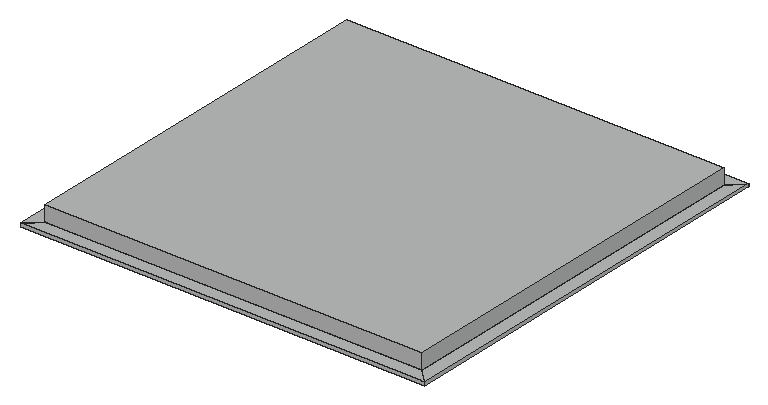
Revit family "AVRORA", category Осветительные приборы, Revit 2019 (continued)
Types (10, lengths in mm): name | built-in parameter 1150134 | Файл фотометрической сетки | built-in parameter 1150142 | built-in parameter 1150107 | Emit from Rectangle Width | Emit from Rectangle Length | Длина | Ширина | ADSK_Обозначение | ADSK_Наименование | ADSK_Код изделия
    599.700 1581.400 1564.200 1544.400 1527.800 1511.600 1496.000 1476.600 1453.700 1426.600 1395.200 1351.000 1306.500 1253.800 \r\n1189.700 1120.200 1050.900 984.900 922.300 859.400 794.000 726.600 657.300 588.100 519.600 453.200 390.100 333.100 283.000 240.700 206.100 180.000 158.000 141.600 125.200 108.600 \r\n91.900 72.500 51.600 31.200 13.700 0.700 \r\n1594.200 1606.300 1616.900 1613.600 1597.000 1579.100 1561.900 1541.900 1524.700 1509.500 1497.300 1477.400 1456.000 1428.600 1395.200 1350.200 1303.800 1251.000 \r\n1186.100 1116.800 1048.600 983.400 919.700 855.400 789.500 721.500 651.700 581.200 512.700 445.900 383.300 327.100 278.300 237.200 204.100 179.500 158.400 142.400 126.300 110.200 \r\n93.300 73.700 52.500 31.900 14.000 0.700 \r\n1593.500 1606.100 1616.900 1612.400 1594.500 1575.900 1558.700 1539.900 1522.700 1508.700 1497.300 1479.400 1457.300 1428.500 1396.000 1348.900 1300.200 1247.800 \r\n1184.200 1115.900 1047.700 982.100 917.600 851.600 784.700 716.400 645.900 575.100 505.900 439.300 377.000 321.600 273.900 234.100 202.400 179.200 159.100 143.700 128.100 112.400 \r\n95.400 75.200 53.500 32.800 14.400 0.700 \r\n1593.600 1607.200 1615.900 1610.500 1591.900 1573.000 1556.800 1537.600 1520.700 1508.100 1498.200 1481.200 1458.700 1430.400 1395.900 1347.100 1296.300 1244.800 \r\n1183.200 1116.400 1046.900 979.600 914.200 847.700 780.100 710.700 639.600 568.400 499.100 432.600 371.000 316.300 269.700 231.300 200.900 179.000 160.000 145.300 130.200 114.900 \r\n97.600 76.700 54.400 33.500 14.800 0.700 \r\n1594.000 1606.300 1615.100 1608.300 1589.200 1570.600 1555.000 1536.200 1519.800 1509.000 1499.600 1483.000 1459.000 1429.200 1395.100 1344.800 1293.200 1243.400 \r\n1183.200 1116.600 1045.900 977.400 911.200 843.900 775.200 704.400 632.700 561.300 492.100 425.900 365.300 311.500 266.100 228.800 199.800 179.200 161.200 147.100 132.700 117.700 \r\n99.900 78.100 55.400 34.100 15.200 0.700 \r\n1593.700 1606.100 1614.400 1606.100 1587.400 1568.500 1553.200 1534.900 1519.000 1510.100 1501.900 1484.400 1458.900 1427.800 1394.100 1342.900 1291.900 1243.000 \r\n1183.600 1116.400 1044.500 974.600 906.700 839.600 770.200 698.500 626.000 554.300 485.100 419.700 360.000 307.400 262.900 226.900 199.200 179.800 162.700 149.300 135.400 120.700 \r\n102.100 79.600 56.300 34.800 15.500 0.800 \r\n1594.300 1605.400 1613.400 1604.200 1585.100 1567.100 1552.000 1534.400 1518.900 1511.900 1503.900 1485.000 1458.400 1426.400 1391.500 1341.800 1292.800 1243.200 \r\n1183.200 1114.300 1042.100 970.800 902.500 834.000 763.900 692.400 619.800 547.500 478.500 413.600 355.100 303.600 260.400 225.600 199.100 180.700 164.500 151.800 138.500 123.400 \r\n104.100 81.000 57.200 35.400 15.900 0.800 \r\n1593.100 1606.400 1612.600 1602.700 1582.600 1565.700 1551.400 1534.000 1519.800 1513.400 1504.700 1485.500 1457.100 1424.100 1389.700 1340.900 1294.900 1243.000 \r\n1181.200 1110.500 1038.100 967.000 897.100 827.200 757.100 686.400 613.900 541.600 472.700 408.300 350.600 300.400 258.500 224.900 199.500 182.000 166.500 154.700 141.600 126.100 \r\n106.200 82.400 58.200 36.000 16.200 0.800 \r\n1592.900 1606.100 1611.900 1600.600 1581.300 1565.300 1550.900 1534.700 1520.700 1514.300 1507.000 1485.500 1455.600 1420.900 1388.300 1341.700 1296.000 1241.800 \r\n1177.500 1105.400 1032.700 962.200 891.800 821.800 750.600 680.300 608.400 537.000 468.300 404.200 347.100 298.100 257.200 224.900 200.300 183.600 168.800 157.900 144.800 128.800 \r\n108.300 84.200 59.300 36.700 16.600 0.800 \r\n1593.600 1606.400 1611.700 1599.500 1579.400 1563.800 1551.500 1535.500 1522.200 1516.600 1508.200 1485.200 1451.800 1418.300 1387.800 1343.100 1297.000 1239.200 \r\n1173.100 1100.300 1028.200 957.400 886.900 816.400 745.500 674.700 603.200 532.400 464.600 401.100 344.800 296.700 256.900 225.400 201.500 185.400 173.800 161.100 147.800 131.400 \r\n110.600 85.900 60.400 37.300 16.900 0.800 \r\n1595.000 1604.600 1609.700 1597.000 1578.600 1564.000 1552.100 1536.700 1523.600 1518.000 1508.500 1483.300 1449.900 1416.200 1386.800 1343.900 1296.300 1235.900 \r\n1168.400 1096.200 1024.100 953.200 881.900 811.300 740.900 669.700 598.400 528.100 461.400 398.800 343.400 296.200 257.100 226.500 203.100 187.600 176.800 164.100 150.500 133.900 \r\n112.700 87.600 61.400 37.900 17.200 0.800 \r\n1593.800 1605.200 1609.000 1595.100 1577.100 1563.800 1552.600 1538.100 1525.500 1520.600 1508.800 1481.500 1446.300 1414.800 1386.700 1344.200 1293.600 1231.800 \r\n1164.200 1093.200 1021.700 949.200 876.500 806.800 736.400 665.600 594.900 525.100 458.600 397.100 342.700 296.500 258.200 228.100 205.000 190.200 179.900 166.800 152.900 136.100 \r\n114.400 89.000 62.200 38.500 17.500 0.800 \r\n1593.300 1604.200 1608.000 1594.300 1575.700 1563.500 1553.700 1540.400 1528.600 1522.100 1507.700 1479.400 1443.600 1414.200 1385.600 1342.600 1289.900 1227.000 \r\n1160.200 1090.100 1019.400 945.200 873.200 803.200 732.800 662.000 591.900 522.500 457.000 396.200 342.800 297.300 259.900 230.100 207.600 192.900 182.700 168.700 154.800 137.600 \r\n115.700 89.800 62.900 39.000 17.900 0.800 \r\n1594.100 1604.100 1606.500 1592.100 1574.700 1564.400 1555.400 1542.000 1530.700 1523.200 1506.700 1476.100 1442.100 1411.800 1384.400 1340.100 1286.300 1222.600 \r\n1156.400 1087.000 1016.300 942.800 870.100 799.300 729.300 658.800 589.000 520.300 455.700 395.800 343.200 298.700 262.000 232.700 210.500 195.700 184.800 170.000 155.700 138.300 \r\n116.000 90.000 63.200 39.400 18.300 0.800 \r\n1594.500 1604.800 1606.500 1590.700 1574.100 1565.200 1557.700 1544.100 1532.600 1524.000 1506.800 1474.300 1440.000 1410.800 1382.300 1337.600 1282.800 1219.100 \r\n1153.800 1084.800 1014.200 941.000 867.700 796.800 726.700 656.100 586.500 519.000 454.900 396.100 344.400 300.700 264.700 235.900 213.600 198.300 186.200 170.400 155.800 138.100 \r\n115.700 89.800 63.300 39.900 18.700 0.900 \r\n1594.100 1604.300 1604.600 1589.400 1573.400 1566.000 1559.800 1546.000 1534.700 1524.400 1504.000 1471.800 1439.300 1410.700 1379.800 1335.100 1280.200 1216.700 \r\n1152.700 1084.100 1013.500 939.100 865.700 794.300 724.100 653.500 584.600 517.700 454.600 396.700 346.000 303.100 267.800 239.200 216.700 200.400 186.700 170.000 154.900 137.100 \r\n114.700 89.100 63.300 40.300 19.000 0.900 \r\n1594.300 1603.800 1603.900 1587.200 1572.700 1566.500 1560.800 1548.500 1536.300 1523.900 1502.100 1471.400 1438.500 1408.900 1378.300 1332.900 1278.600 1215.600 \r\n1152.300 1083.900 1011.600 937.400 863.500 791.500 720.900 650.900 582.900 516.800 454.600 397.500 347.900 305.900 271.200 242.700 219.600 201.900 186.500 168.700 153.200 135.500 \r\n113.200 88.100 63.100 40.500 19.300 0.900 \r\n1594.500 1604.400 1602.700 1586.100 1572.200 1567.700 1563.200 1551.300 1538.100 1524.000 1501.400 1469.000 1437.400 1408.800 1376.100 1331.300 1277.500 1215.800 \r\n1152.600 1084.300 1010.700 936.100 861.800 788.600 718.100 648.500 581.300 516.400 455.100 399.100 350.300 309.100 275.000 246.200 222.400 202.800 185.500 166.900 151.300 133.700 \r\n111.800 87.100 62.900 40.700 19.500 0.900 \r\n1594.600 1604.500 1601.300 1585.100 1571.900 1568.500 1565.400 1553.800 1539.600 1523.300 1498.700 1467.100 1438.400 1407.400 1373.700 1328.900 1277.900 1217.200 \r\n1154.400 1084.300 1009.500 934.200 859.300 785.100 715.100 646.600 580.200 516.500 456.300 401.100 353.200 312.700 278.500 249.400 224.700 203.000 184.000 164.700 149.100 131.900 \r\n110.300 86.200 62.600 40.800 19.600 0.900 \r\n1594.600 1603.400 1600.300 1584.300 1571.900 1569.200 1567.600 1555.900 1540.600 1521.900 1496.200 1465.900 1439.000 1407.600 1370.900 1326.200 1277.100 1218.700 \r\n1155.500 1083.900 1008.600 932.800 855.900 781.700 712.100 645.000 579.600 517.200 458.100 403.600 356.500 316.200 281.800 252.200 226.400 202.800 182.300 162.500 147.100 130.300 \r\n109.200 85.500 62.400 40.800 19.700 0.900 \r\n1594.800 1603.100 1599.500 1581.700 1571.200 1570.300 1569.300 1558.400 1541.400 1521.000 1494.600 1465.900 1440.100 1407.000 1367.200 1323.200 1276.100 1219.800 \r\n1155.900 1083.900 1007.600 931.500 853.400 779.500 710.200 643.900 579.700 518.600 460.300 406.800 360.100 319.700 284.700 254.500 227.700 202.600 180.700 160.600 145.500 129.000 \r\n108.400 85.100 62.300 40.900 19.800 0.900 \r\n" | 4000 (stored number, unit not read) | 555 | 555 | 595 | 595 | "AVRORA-32/prisma 595x595х25 (IP20, 4000К)" | "Встраиваемый светодиодный светильник AVRORA-32/prisma 595x595х25 (IP20, 4000К)" | "ЦБ000008869"
  AVRORA-32/prisma 595x595х25 (IP20, 4000К) с БАП на 1 час | 12 | "Светильник AVRORA-32 PRISMA-(595x595).ies" | "IESNA:LM-63-95\r\n[TEST] Протокол № 50-12 \r\n[DATA] 20.06.2016\r\n[MORE] \r\n[MANUFAC] ЗАО \"Центрстройсвет\"\r\n[LUMCAT]  Светильник ALUMOGIPS-38/OPAL-SAND-(610x610)\r\n[LUMINAIRE]\r\n[LAMPCAT] Светодиоды\r\n[LAMP] Поток источника света (светодиодов) не известен\r\n[MORE] КСС приведена в абсолютных величинах кд\r\n[MORE] Вместо потока лампы, указан поток светильника.\r\nTILT=NONE\r\n1    3750 1.0 37 73 1 2 0.61 0.61 0.04\r\n1.0 1.0 38.7\r\n0.0 5.0 10.0 15.0 20.0 25.0 30.0 35.0 40.0 45.0 50.0 55.0 60.0 65.0 70.0 75.0 80.0 85.0 90.0 95.0 100.0 105.0 110.0 115.0 120.0 125.0 130.0 135.0 140.0 145.0 150.0 155.0 160.0 165.0 170.0 175.0 180.0\r\n0.0 5.0 10.0 15.0 20.0 25.0 30.0 35.0 40.0 45.0 50.0 55.0 60.0 65.0 70.0 75.0 80.0 85.0 90.0 95.0 100.0 105.0 110.0 115.0 120.0 125.0 130.0 135.0 140.0 145.0 150.0 155.0 160.0 165.0 170.0 175.0 180.0 185.0 190.0 195.0 200.0 205.0 210.0 215.0 220.0 225.0 230.0 235.0 240.0 245.0 250.0 255.0 260.0 265.0 270.0 275.0 280.0 285.0 290.0 295.0 300.0 305.0 310.0 315.0 320.0 325.0 330.0 335.0 340.0 345.0 350.0 355.0 360.0\r\n1391.4 1390.6 1365.7 1330.6 1277.5 1214.9 1147.5 1059.6 967.6 873.2 772.4 664.9 556.3 449.1 342.7 240.6 147.1 64.2 4.7 0.0 0.0 0.0 0.0 0.0 0.0 0.0 0.0 0.0 0.0 0.0 0.0 0.0 0.0 0.0 0.0 0.0 0.0\r\n1391.4 1390.5 1367.8 1332.7 1284.3 1221.3 1147.0 1062.1 969.2 872.4 773.2 666.3 557.1 450.1 343.8 241.9 146.9 64.7 5.2 0.0 0.0 0.0 0.0 0.0 0.0 0.0 0.0 0.0 0.0 0.0 0.0 0.0 0.0 0.0 0.0 0.0 0.0\r\n1391.4 1390.2 1372.0 1333.3 1277.3 1216.8 1144.5 1057.4 969.6 875.1 773.8 669.5 560.0 454.6 345.8 242.4 148.5 65.8 5.4 0.0 0.0 0.0 0.0 0.0 0.0 0.0 0.0 0.0 0.0 0.0 0.0 0.0 0.0 0.0 0.0 0.0 0.0\r\n1391.4 1389.8 1371.2 1330.7 1279.5 1220.5 1148.3 1059.9 967.7 873.2 767.5 666.8 561.4 453.0 347.1 243.7 149.9 65.6 5.8 0.0 0.0 0.0 0.0 0.0 0.0 0.0 0.0 0.0 0.0 0.0 0.0 0.0 0.0 0.0 0.0 0.0 0.0\r\n1391.4 1389.8 1368.3 1329.3 1285.0 1214.6 1141.1 1058.7 971.8 871.3 775.2 666.9 559.4 452.6 345.8 242.5 150.0 65.8 6.1 0.0 0.0 0.0 0.0 0.0 0.0 0.0 0.0 0.0 0.0 0.0 0.0 0.0 0.0 0.0 0.0 0.0 0.0\r\n1391.4 1390.5 1367.3 1332.3 1281.7 1219.0 1142.8 1064.6 970.5 874.4 772.1 667.5 560.2 453.0 346.2 241.8 149.4 65.7 5.6 0.0 0.0 0.0 0.0 0.0 0.0 0.0 0.0 0.0 0.0 0.0 0.0 0.0 0.0 0.0 0.0 0.0 0.0\r\n1391.4 1391.4 1368.1 1333.5 1277.3 1215.7 1139.0 1059.6 968.1 872.4 771.6 667.4 558.8 453.3 344.3 243.9 148.4 65.7 5.4 0.0 0.0 0.0 0.0 0.0 0.0 0.0 0.0 0.0 0.0 0.0 0.0 0.0 0.0 0.0 0.0 0.0 0.0\r\n1391.4 1391.7 1368.1 1330.4 1278.2 1213.9 1142.4 1061.6 967.4 875.1 772.0 669.3 561.1 452.5 345.2 242.1 148.3 65.4 5.5 0.0 0.0 0.0 0.0 0.0 0.0 0.0 0.0 0.0 0.0 0.0 0.0 0.0 0.0 0.0 0.0 0.0 0.0\r\n1391.4 1391.5 1371.0 1328.4 1278.5 1216.7 1142.1 1061.2 971.8 874.7 772.1 668.9 560.8 452.9 345.4 243.3 147.7 66.0 5.4 0.0 0.0 0.0 0.0 0.0 0.0 0.0 0.0 0.0 0.0 0.0 0.0 0.0 0.0 0.0 0.0 0.0 0.0\r\n1391.4 1391.5 1373.2 1330.5 1277.3 1215.5 1143.2 1063.6 967.0 872.7 772.2 669.4 558.9 453.2 346.6 241.9 148.1 65.2 5.5 0.0 0.0 0.0 0.0 0.0 0.0 0.0 0.0 0.0 0.0 0.0 0.0 0.0 0.0 0.0 0.0 0.0 0.0\r\n1391.4 1391.4 1369.7 1328.3 1281.3 1216.0 1139.8 1057.9 968.7 875.3 773.9 667.6 561.8 454.0 344.0 243.1 147.2 65.6 5.5 0.0 0.0 0.0 0.0 0.0 0.0 0.0 0.0 0.0 0.0 0.0 0.0 0.0 0.0 0.0 0.0 0.0 0.0\r\n1391.4 1390.5 1367.9 1330.1 1278.1 1218.1 1138.9 1061.0 970.0 871.8 770.4 669.3 560.2 453.4 346.9 242.1 148.3 65.2 5.2 0.0 0.0 0.0 0.0 0.0 0.0 0.0 0.0 0.0 0.0 0.0 0.0 0.0 0.0 0.0 0.0 0.0 0.0\r\n1391.4 1389.3 1368.2 1329.1 1280.8 1214.4 1142.5 1059.2 967.2 874.3 772.4 668.0 563.1 452.3 345.7 242.8 146.8 64.9 5.1 0.0 0.0 0.0 0.0 0.0 0.0 0.0 0.0 0.0 0.0 0.0 0.0 0.0 0.0 0.0 0.0 0.0 0.0\r\n1391.4 1388.6 1367.4 1327.8 1278.0 1215.7 1141.0 1061.0 971.5 877.3 771.2 667.3 561.5 453.0 346.4 242.4 146.3 64.8 5.2 0.0 0.0 0.0 0.0 0.0 0.0 0.0 0.0 0.0 0.0 0.0 0.0 0.0 0.0 0.0 0.0 0.0 0.0\r\n1391.4 1388.0 1367.6 1326.7 1278.3 1218.0 1140.9 1061.5 968.4 873.4 770.1 666.6 562.1 454.6 344.8 241.8 146.4 64.0 5.5 0.0 0.0 0.0 0.0 0.0 0.0 0.0 0.0 0.0 0.0 0.0 0.0 0.0 0.0 0.0 0.0 0.0 0.0\r\n1391.4 1387.2 1366.1 1331.0 1281.4 1216.3 1142.7 1059.1 969.4 871.5 772.2 667.3 560.5 453.0 344.4 242.2 146.4 63.8 5.6 0.0 0.0 0.0 0.0 0.0 0.0 0.0 0.0 0.0 0.0 0.0 0.0 0.0 0.0 0.0 0.0 0.0 0.0\r\n1391.4 1387.1 1366.3 1328.7 1276.9 1214.5 1141.2 1059.3 968.4 874.3 775.5 668.3 562.5 454.9 346.4 241.3 146.2 63.5 5.7 0.0 0.0 0.0 0.0 0.0 0.0 0.0 0.0 0.0 0.0 0.0 0.0 0.0 0.0 0.0 0.0 0.0 0.0\r\n1391.4 1388.4 1366.0 1329.7 1279.2 1217.9 1140.0 1060.5 969.0 873.9 772.0 671.3 560.4 453.2 343.7 241.7 145.8 63.7 5.4 0.0 0.0 0.0 0.0 0.0 0.0 0.0 0.0 0.0 0.0 0.0 0.0 0.0 0.0 0.0 0.0 0.0 0.0\r\n1391.4 1389.6 1367.7 1329.3 1277.2 1211.1 1140.1 1061.0 971.0 871.2 769.2 669.1 561.5 453.1 343.3 241.9 145.8 63.4 5.2 0.0 0.0 0.0 0.0 0.0 0.0 0.0 0.0 0.0 0.0 0.0 0.0 0.0 0.0 0.0 0.0 0.0 0.0\r\n1391.4 1388.8 1366.9 1327.1 1279.4 1214.2 1142.5 1056.4 970.7 870.3 771.0 665.1 560.4 453.3 343.8 241.1 145.7 63.4 5.2 0.0 0.0 0.0 0.0 0.0 0.0 0.0 0.0 0.0 0.0 0.0 0.0 0.0 0.0 0.0 0.0 0.0 0.0\r\n1391.4 1387.2 1365.8 1328.9 1276.6 1210.2 1141.4 1059.3 966.6 871.4 770.5 667.4 559.2 451.4 344.2 241.0 145.6 63.2 5.1 0.0 0.0 0.0 0.0 0.0 0.0 0.0 0.0 0.0 0.0 0.0 0.0 0.0 0.0 0.0 0.0 0.0 0.0\r\n1391.4 1386.8 1364.4 1329.8 1279.4 1213.7 1144.0 1059.0 965.3 873.7 768.8 668.9 559.4 449.5 342.6 241.5 144.6 63.4 5.0 0.0 0.0 0.0 0.0 0.0 0.0 0.0 0.0 0.0 0.0 0.0 0.0 0.0 0.0 0.0 0.0 0.0 0.0\r\n1391.4 1388.1 1365.8 1328.1 1273.8 1213.4 1137.9 1059.2 967.3 869.2 769.3 667.7 558.4 451.4 344.0 240.6 145.7 63.4 4.9 0.0 0.0 0.0 0.0 0.0 0.0 0.0 0.0 0.0 0.0 0.0 0.0 0.0 0.0 0.0 0.0 0.0 0.0\r\n1391.4 1389.2 1364.4 1323.2 1276.3 1213.8 1137.6 1055.3 963.1 871.0 767.7 664.1 559.7 447.1 342.4 240.1 145.2 63.9 5.1 0.0 0.0 0.0 0.0 0.0 0.0 0.0 0.0 0.0 0.0 0.0 0.0 0.0 0.0 0.0 0.0 0.0 0.0\r\n1391.4 1388.4 1362.3 1326.8 1274.4 1212.2 1137.9 1054.7 966.7 867.9 768.7 663.4 557.3 449.2 343.3 240.0 145.7 63.6 5.0 0.0 0.0 0.0 0.0 0.0 0.0 0.0 0.0 0.0 0.0 0.0 0.0 0.0 0.0 0.0 0.0 0.0 0.0\r\n1391.4 1386.2 1361.8 1326.5 1273.3 1211.2 1134.5 1048.6 964.3 866.3 767.8 662.9 556.7 449.5 341.9 239.8 145.7 63.7 5.0 0.0 0.0 0.0 0.0 0.0 0.0 0.0 0.0 0.0 0.0 0.0 0.0 0.0 0.0 0.0 0.0 0.0 0.0\r\n1391.4 1384.4 1363.5 1324.4 1272.0 1209.5 1137.2 1053.0 960.2 867.5 767.9 662.7 556.7 449.2 342.5 239.1 146.2 63.8 4.8 0.0 0.0 0.0 0.0 0.0 0.0 0.0 0.0 0.0 0.0 0.0 0.0 0.0 0.0 0.0 0.0 0.0 0.0\r\n1391.4 1383.7 1362.4 1324.4 1274.0 1209.5 1134.4 1050.1 965.4 864.9 764.6 662.3 556.6 447.9 340.5 240.3 145.5 64.6 4.6 0.0 0.0 0.0 0.0 0.0 0.0 0.0 0.0 0.0 0.0 0.0 0.0 0.0 0.0 0.0 0.0 0.0 0.0\r\n1391.4 1384.4 1361.9 1326.9 1270.2 1207.3 1132.7 1050.1 959.7 867.7 763.1 662.2 555.0 447.3 343.0 238.3 145.8 63.9 4.7 0.0 0.0 0.0 0.0 0.0 0.0 0.0 0.0 0.0 0.0 0.0 0.0 0.0 0.0 0.0 0.0 0.0 0.0\r\n1391.4 1385.1 1363.0 1320.0 1270.4 1207.9 1134.4 1055.0 963.5 867.3 766.7 660.7 555.9 450.1 342.6 240.2 145.9 64.3 4.9 0.0 0.0 0.0 0.0 0.0 0.0 0.0 0.0 0.0 0.0 0.0 0.0 0.0 0.0 0.0 0.0 0.0 0.0\r\n1391.4 1384.9 1362.3 1321.4 1273.1 1208.0 1135.4 1052.3 961.9 865.0 764.0 660.8 553.5 447.6 341.2 240.3 146.1 63.8 4.8 0.0 0.0 0.0 0.0 0.0 0.0 0.0 0.0 0.0 0.0 0.0 0.0 0.0 0.0 0.0 0.0 0.0 0.0\r\n1391.4 1383.8 1361.2 1322.1 1265.1 1211.5 1132.8 1049.3 961.3 863.4 764.0 661.0 550.7 447.9 341.0 240.1 146.2 63.8 4.6 0.0 0.0 0.0 0.0 0.0 0.0 0.0 0.0 0.0 0.0 0.0 0.0 0.0 0.0 0.0 0.0 0.0 0.0\r\n1391.4 1382.8 1359.3 1321.5 1269.3 1206.8 1132.8 1051.1 958.3 863.2 763.1 662.7 553.4 448.0 340.4 240.0 145.8 63.8 4.0 0.0 0.0 0.0 0.0 0.0 0.0 0.0 0.0 0.0 0.0 0.0 0.0 0.0 0.0 0.0 0.0 0.0 0.0\r\n1391.4 1382.6 1359.0 1319.6 1268.1 1204.3 1129.8 1049.0 957.7 861.8 761.7 658.4 554.2 446.1 340.4 239.0 145.6 63.8 3.8 0.0 0.0 0.0 0.0 0.0 0.0 0.0 0.0 0.0 0.0 0.0 0.0 0.0 0.0 0.0 0.0 0.0 0.0\r\n1391.4 1382.8 1358.5 1315.8 1266.5 1202.1 1128.5 1049.2 957.6 860.0 762.1 658.2 549.9 443.8 339.6 238.4 145.7 63.6 3.7 0.0 0.0 0.0 0.0 0.0 0.0 0.0 0.0 0.0 0.0 0.0 0.0 0.0 0.0 0.0 0.0 0.0 0.0\r\n1391.4 1382.2 1360.5 1319.2 1265.9 1204.5 1129.9 1046.9 955.0 862.9 758.9 657.9 552.5 444.9 338.9 238.8 145.3 63.6 3.3 0.0 0.0 0.0 0.0 0.0 0.0 0.0 0.0 0.0 0.0 0.0 0.0 0.0 0.0 0.0 0.0 0.0 0.0\r\n1391.4 1381.1 1361.2 1321.0 1268.1 1203.8 1128.8 1047.4 955.6 863.7 761.1 656.4 551.5 445.2 339.2 238.5 144.7 62.5 3.5 0.0 0.0 0.0 0.0 0.0 0.0 0.0 0.0 0.0 0.0 0.0 0.0 0.0 0.0 0.0 0.0 0.0 0.0\r\n1391.4 1380.6 1359.0 1316.4 1268.5 1204.0 1126.1 1049.5 956.2 859.6 759.7 656.5 549.2 444.3 338.4 236.1 143.8 61.6 3.2 0.0 0.0 0.0 0.0 0.0 0.0 0.0 0.0 0.0 0.0 0.0 0.0 0.0 0.0 0.0 0.0 0.0 0.0\r\n1391.4 1380.7 1356.6 1316.0 1267.0 1205.6 1130.3 1044.8 956.9 856.7 759.3 653.5 548.1 441.9 335.3 235.4 141.4 60.3 2.9 0.0 0.0 0.0 0.0 0.0 0.0 0.0 0.0 0.0 0.0 0.0 0.0 0.0 0.0 0.0 0.0 0.0 0.0\r\n1391.4 1380.4 1354.4 1317.9 1268.8 1199.0 1129.0 1044.0 956.9 860.6 758.3 656.9 549.1 442.0 334.4 236.1 141.7 60.5 2.6 0.0 0.0 0.0 0.0 0.0 0.0 0.0 0.0 0.0 0.0 0.0 0.0 0.0 0.0 0.0 0.0 0.0 0.0\r\n1391.4 1380.1 1356.7 1322.1 1264.6 1201.7 1129.9 1047.4 957.2 859.7 758.2 656.1 549.4 442.8 335.3 235.8 141.3 60.6 2.3 0.0 0.0 0.0 0.0 0.0 0.0 0.0 0.0 0.0 0.0 0.0 0.0 0.0 0.0 0.0 0.0 0.0 0.0\r\n1391.4 1379.9 1357.3 1317.5 1265.9 1207.8 1129.2 1046.5 955.7 860.2 758.6 656.9 550.7 441.9 335.4 233.9 140.6 60.2 2.4 0.0 0.0 0.0 0.0 0.0 0.0 0.0 0.0 0.0 0.0 0.0 0.0 0.0 0.0 0.0 0.0 0.0 0.0\r\n1391.4 1379.2 1355.5 1314.6 1269.3 1203.7 1133.5 1044.8 957.2 857.9 762.0 656.6 548.7 440.4 335.9 234.5 140.4 59.8 2.8 0.0 0.0 0.0 0.0 0.0 0.0 0.0 0.0 0.0 0.0 0.0 0.0 0.0 0.0 0.0 0.0 0.0 0.0\r\n1391.4 1377.9 1357.1 1319.2 1271.9 1204.4 1128.6 1050.2 953.1 856.9 757.6 653.7 548.9 439.9 335.4 232.4 140.5 59.2 3.0 0.0 0.0 0.0 0.0 0.0 0.0 0.0 0.0 0.0 0.0 0.0 0.0 0.0 0.0 0.0 0.0 0.0 0.0\r\n1391.4 1377.2 1356.3 1322.9 1266.0 1204.8 1132.2 1049.0 958.1 859.3 759.0 654.6 547.0 441.6 334.9 232.1 139.3 58.8 2.9 0.0 0.0 0.0 0.0 0.0 0.0 0.0 0.0 0.0 0.0 0.0 0.0 0.0 0.0 0.0 0.0 0.0 0.0\r\n1391.4 1377.8 1353.8 1319.7 1269.6 1207.9 1135.8 1049.5 955.8 858.0 762.4 655.9 548.2 441.6 335.6 231.7 139.4 58.8 2.8 0.0 0.0 0.0 0.0 0.0 0.0 0.0 0.0 0.0 0.0 0.0 0.0 0.0 0.0 0.0 0.0 0.0 0.0\r\n1391.4 1378.5 1355.2 1319.8 1267.3 1206.5 1131.2 1046.1 954.6 861.2 756.6 653.8 548.1 440.3 335.0 232.6 138.6 59.0 2.9 0.0 0.0 0.0 0.0 0.0 0.0 0.0 0.0 0.0 0.0 0.0 0.0 0.0 0.0 0.0 0.0 0.0 0.0\r\n1391.4 1378.6 1355.1 1318.3 1269.7 1200.8 1133.1 1049.0 957.6 862.5 762.4 656.9 549.3 443.5 334.7 231.2 138.8 58.1 3.0 0.0 0.0 0.0 0.0 0.0 0.0 0.0 0.0 0.0 0.0 0.0 0.0 0.0 0.0 0.0 0.0 0.0 0.0\r\n1391.4 1378.8 1355.8 1321.7 1268.8 1210.0 1129.0 1048.5 958.8 862.4 762.2 656.4 549.0 441.1 335.4 231.5 138.5 58.1 3.0 0.0 0.0 0.0 0.0 0.0 0.0 0.0 0.0 0.0 0.0 0.0 0.0 0.0 0.0 0.0 0.0 0.0 0.0\r\n1391.4 1379.6 1357.6 1321.7 1269.0 1207.1 1133.9 1047.0 964.1 863.3 761.9 656.4 551.5 440.7 334.9 232.2 137.6 58.1 2.8 0.0 0.0 0.0 0.0 0.0 0.0 0.0 0.0 0.0 0.0 0.0 0.0 0.0 0.0 0.0 0.0 0.0 0.0\r\n1391.4 1380.6 1357.7 1319.2 1272.0 1207.5 1131.3 1054.6 959.0 863.3 764.8 655.9 549.1 443.0 335.1 231.3 138.0 58.1 2.7 0.0 0.0 0.0 0.0 0.0 0.0 0.0 0.0 0.0 0.0 0.0 0.0 0.0 0.0 0.0 0.0 0.0 0.0\r\n1391.4 1381.5 1358.5 1321.9 1271.0 1204.1 1135.9 1055.8 962.5 865.5 761.1 656.9 550.6 442.0 335.3 231.9 137.4 57.9 2.6 0.0 0.0 0.0 0.0 0.0 0.0 0.0 0.0 0.0 0.0 0.0 0.0 0.0 0.0 0.0 0.0 0.0 0.0\r\n1391.4 1381.3 1358.5 1322.3 1270.8 1207.2 1133.7 1051.9 958.0 867.3 767.5 657.0 552.1 442.3 333.6 231.2 137.9 57.8 2.6 0.0 0.0 0.0 0.0 0.0 0.0 0.0 0.0 0.0 0.0 0.0 0.0 0.0 0.0 0.0 0.0 0.0 0.0\r\n1391.4 1380.6 1359.4 1319.7 1270.6 1209.0 1133.0 1052.1 963.9 867.5 764.1 660.0 554.0 443.3 334.8 231.7 137.6 57.8 2.7 0.0 0.0 0.0 0.0 0.0 0.0 0.0 0.0 0.0 0.0 0.0 0.0 0.0 0.0 0.0 0.0 0.0 0.0\r\n1391.4 1381.3 1359.9 1321.3 1270.6 1204.8 1135.0 1051.3 962.1 865.5 761.7 660.3 553.1 443.5 334.1 231.9 137.9 57.8 2.8 0.0 0.0 0.0 0.0 0.0 0.0 0.0 0.0 0.0 0.0 0.0 0.0 0.0 0.0 0.0 0.0 0.0 0.0\r\n1391.4 1383.1 1362.1 1324.8 1273.8 1208.7 1134.8 1055.9 961.8 866.4 762.3 659.7 552.4 443.7 334.4 232.8 138.0 58.0 2.8 0.0 0.0 0.0 0.0 0.0 0.0 0.0 0.0 0.0 0.0 0.0 0.0 0.0 0.0 0.0 0.0 0.0 0.0\r\n1391.4 1384.6 1360.4 1321.7 1272.0 1210.6 1130.9 1052.5 963.1 866.7 767.4 659.3 553.7 444.6 335.4 233.1 138.3 58.0 2.8 0.0 0.0 0.0 0.0 0.0 0.0 0.0 0.0 0.0 0.0 0.0 0.0 0.0 0.0 0.0 0.0 0.0 0.0\r\n1391.4 1385.6 1357.5 1324.7 1273.9 1211.6 1134.3 1052.7 963.6 865.4 763.1 658.7 552.2 444.9 336.9 232.8 138.8 58.6 2.9 0.0 0.0 0.0 0.0 0.0 0.0 0.0 0.0 0.0 0.0 0.0 0.0 0.0 0.0 0.0 0.0 0.0 0.0\r\n1391.4 1386.4 1357.8 1323.4 1273.2 1212.2 1136.3 1054.7 967.5 867.5 764.0 659.4 553.3 443.7 336.8 233.2 138.9 58.5 3.1 0.0 0.0 0.0 0.0 0.0 0.0 0.0 0.0 0.0 0.0 0.0 0.0 0.0 0.0 0.0 0.0 0.0 0.0\r\n1391.4 1386.6 1362.0 1324.9 1273.2 1211.3 1139.0 1049.9 960.3 866.4 768.0 661.3 552.2 443.4 336.3 233.4 139.8 58.9 3.1 0.0 0.0 0.0 0.0 0.0 0.0 0.0 0.0 0.0 0.0 0.0 0.0 0.0 0.0 0.0 0.0 0.0 0.0\r\n1391.4 1386.0 1360.5 1326.0 1271.8 1212.0 1137.2 1059.3 963.5 867.6 766.9 661.2 552.3 445.8 337.8 233.6 141.0 59.2 3.3 0.0 0.0 0.0 0.0 0.0 0.0 0.0 0.0 0.0 0.0 0.0 0.0 0.0 0.0 0.0 0.0 0.0 0.0\r\n1391.4 1385.0 1362.3 1325.1 1272.0 1207.1 1138.5 1053.6 964.5 865.8 766.5 661.6 554.3 445.9 337.0 234.5 140.4 60.2 3.5 0.0 0.0 0.0 0.0 0.0 0.0 0.0 0.0 0.0 0.0 0.0 0.0 0.0 0.0 0.0 0.0 0.0 0.0\r\n1391.4 1384.4 1361.8 1323.6 1274.0 1214.8 1138.9 1053.9 968.0 867.9 769.0 663.8 555.6 446.7 339.6 235.0 141.3 60.4 3.4 0.0 0.0 0.0 0.0 0.0 0.0 0.0 0.0 0.0 0.0 0.0 0.0 0.0 0.0 0.0 0.0 0.0 0.0\r\n1391.4 1385.0 1360.9 1322.2 1272.4 1209.8 1137.2 1055.7 962.7 869.7 769.6 658.2 556.6 447.4 338.5 236.2 142.5 60.7 3.4 0.0 0.0 0.0 0.0 0.0 0.0 0.0 0.0 0.0 0.0 0.0 0.0 0.0 0.0 0.0 0.0 0.0 0.0\r\n1391.4 1386.6 1363.1 1323.6 1272.5 1211.5 1139.2 1058.4 969.9 868.0 768.8 664.6 556.3 445.8 342.1 236.1 142.3 61.2 3.5 0.0 0.0 0.0 0.0 0.0 0.0 0.0 0.0 0.0 0.0 0.0 0.0 0.0 0.0 0.0 0.0 0.0 0.0\r\n1391.4 1388.6 1360.9 1330.2 1273.7 1213.2 1138.7 1058.3 966.2 867.0 766.8 663.4 553.3 447.1 339.2 238.7 143.0 61.4 3.8 0.0 0.0 0.0 0.0 0.0 0.0 0.0 0.0 0.0 0.0 0.0 0.0 0.0 0.0 0.0 0.0 0.0 0.0\r\n1391.4 1389.8 1360.8 1328.4 1276.8 1216.0 1140.1 1055.8 963.1 870.3 768.4 663.1 554.0 449.1 340.1 237.3 144.8 61.7 3.8 0.0 0.0 0.0 0.0 0.0 0.0 0.0 0.0 0.0 0.0 0.0 0.0 0.0 0.0 0.0 0.0 0.0 0.0\r\n1391.4 1389.3 1362.5 1325.9 1278.0 1210.4 1138.2 1054.7 967.8 872.7 770.2 661.9 556.5 446.9 341.3 237.7 144.4 62.5 3.9 0.0 0.0 0.0 0.0 0.0 0.0 0.0 0.0 0.0 0.0 0.0 0.0 0.0 0.0 0.0 0.0 0.0 0.0\r\n1391.4 1387.8 1365.8 1326.6 1274.3 1213.2 1141.4 1053.1 966.2 871.2 768.4 663.7 555.0 447.1 341.3 238.2 144.3 62.7 4.1 0.0 0.0 0.0 0.0 0.0 0.0 0.0 0.0 0.0 0.0 0.0 0.0 0.0 0.0 0.0 0.0 0.0 0.0\r\n1391.4 1387.2 1364.2 1328.3 1274.8 1209.4 1145.0 1060.0 963.9 867.5 766.5 663.4 556.7 448.2 340.9 240.3 144.7 63.3 4.0 0.0 0.0 0.0 0.0 0.0 0.0 0.0 0.0 0.0 0.0 0.0 0.0 0.0 0.0 0.0 0.0 0.0 0.0\r\n1391.4 1388.4 1364.9 1332.6 1279.0 1215.6 1140.9 1056.3 969.3 867.1 770.0 663.8 559.0 449.0 342.4 240.3 145.7 63.3 4.7 0.0 0.0 0.0 0.0 0.0 0.0 0.0 0.0 0.0 0.0 0.0 0.0 0.0 0.0 0.0 0.0 0.0 0.0\r\n1391.4 1390.0 1364.5 1329.3 1281.4 1217.7 1141.3 1063.3 970.3 871.1 768.8 663.5 555.2 449.3 342.4 239.8 146.6 63.3 4.9 0.0 0.0 0.0 0.0 0.0 0.0 0.0 0.0 0.0 0.0 0.0 0.0 0.0 0.0 0.0 0.0 0.0 0.0\r\n1391.4 1390.6 1365.7 1330.6 1277.5 1214.9 1147.5 1059.6 967.6 873.2 772.4 664.9 556.3 449.1 342.7 240.6 147.1 64.2 4.7 0.0 0.0 0.0 0.0 0.0 0.0 0.0 0.0 0.0 0.0 0.0 0.0 0.0 0.0 0.0 0.0 0.0 0.0\r\n" | 4000 (stored number, unit not read) | 555 | 555 | 595 | 595 | "AVRORA-32/prisma 595x595х25 (IP20, 4000К)" | "Встраиваемый светодиодный светильник AVRORA-32/prisma 595x595х25 (IP20, 4000К) с БАП на 1 час" | "ЦБ000008871"
